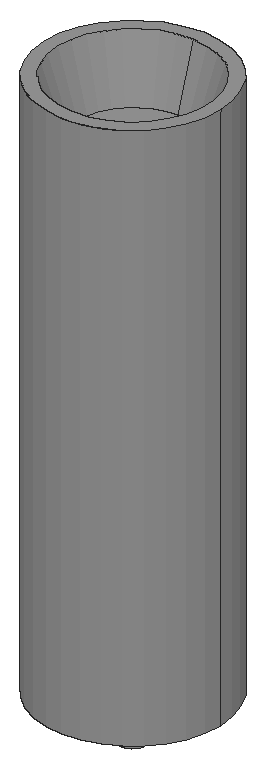
Revit family "2061014 Sylvania Lighting Fixture TubiXx LED surface 4000K white-black", category Lighting Fixtures, host Face, Revit 2016
Family settings
  Host = Face
  Part Type = Normal
  Round Connector Dimension = Use Diameter
  OmniClass Number = 23.80.70.00
  OmniClass Title = Lighting
  Cut with Voids When Loaded = No
  Light Source = Yes
  Shared = No
  Room Calculation Point = No
Parameters (values of type "2061014 TUBIXX LED SURFACE 4000K WHITE-BLACK")
  Weight = "n/a"
  Wattage Comments = ""
  Wattage = 9.2903 W
  WarrantyStartDate [instance] = "n/a"
  WarrantyGuarantorParts = "n/a"
  WarrantyDurationUnit = "n/a"
  WarrantyDurationParts = ""
  WarrantyDescription = "http://www.sylvania-lighting.com"
  built-in parameter 1150110 = 1 (stored number, unit not read)
  Voltage = 0 V
  URL = "0.95"
  TypeName = "TubiXx LED surface 4000K white-black"
  Type Image = <None>
  Type Comments = "n/a"
  Tube Recess = 28 mm
  Tube Diameter = 80 mm
  built-in parameter 1114217 = 1 (stored number, unit not read)
  Tilt Angle = 90.00°
  built-in parameter 1150109 = 1 (stored number, unit not read)
  built-in parameter 1150134 = 3
  built-in parameter 1150113 = 1 (stored number, unit not read)
  SerialNumber [instance] = "n/a"
  Photometric Web File = "2061014.ies"
  Material_3_FEILO = none
  PowerFactor = 0
  PowerConsumption = "Lighting"
  NominalLength = 0 mm
  NominalHeight = 0 mm
  NominalDepth = 0 mm
  Name = "TubiXx LED surface 4000K white-black"
  ModelReference = Name  # "TubiXx LED surface 4000K white-black"
  ModelNumber = "2061014"
  Model = Name  # "TubiXx LED surface 4000K white-black"
  Material = "Feilo Sylvania"
  ManufacturerName = "96 lm/W"
  Manufacturer = ""
  LuminousEfficacy = ""
  built-in parameter 1150105 = 109.82 (stored number, unit not read)
  Lumens = 1380 lm
  LuminaireType = "0"
  built-in parameter 1150115 = 1 (stored number, unit not read)
  LightOutputRatio = "LED"
  built-in parameter 1150137 = (empty or 0)
  built-in parameter 1150139 = (empty or 0)
  LampsType = Lamp  # "n/a"
  LampNominalLuminous = "4000 K"
  LampMacAdamStep = "92"
  LampColourTemperature = "LED"
  LampColourRenderingIndex = "16500"
  built-in parameter 1150112 = 1 (stored number, unit not read)
  built-in parameter 1150114 = 1 (stored number, unit not read)
  Lamp = "n/a"
  Keynote = "n/a"
  InstallationDate [instance] = "n/a"
  InputVoltage = "0"
  InputNominalFrequency = "4000"
  built-in parameter 1150132 = (empty or 0)
  built-in parameter 1150102 = (empty or 0)
  built-in parameter 1150107 = 3200 (stored number, unit not read)
  built-in parameter 1150138 = (empty or 0)
  IngressProtection = "IfcLightFixtureType"
  ImpactProtectionIndex = "IfcLightFixtureType"
  built-in parameter 1150106 = 1.0982 (stored number, unit not read)
  IfcExportType = "IfcLightFixtureType"
  IfcExportAs = "Class I"
  Height = 250 mm
  ExpectedLife = 50000
  Emit from Circle Diameter = 609.6 mm
  Emit Shape Visible in Rendering = no
  ElectricShockClassification = "96"
  built-in parameter 1150104 = 13.8 (stored number, unit not read)
  DurationUnit = "hours"
  DocumentationLiterature = "http://www.sylvania-lighting.com/product/en-int/products/2061014"
  DimmingControlOptions = "n/a"
  Material_2_FEILO = none
  Dimming Lamp Color Temperature Shift = <None>
  Description = "TubiXx LED Surface Mounted is a decorative Surface Mounted fixture with integrated driver, equipped with an integrated non-dimmable LED driver, White finish with Black reflector, colour temperature 4000K, 14W, 1337lm, 96lm/W, IP20, IK02, Class I. Dimensions 250mmx80mm."
  Default Elevation = 1219.2 mm
  CreatedOn = "22/11/2019"
  CreatedBy = "@sylvania-lighting.com"
  Cost = 0
  Color Filter = 16777215
  built-in parameter 1114216 [instance] = (empty or 0)
  ClassificationValue = "EF_70_80"
  ClassificationName = "Uniclass2015"
  Material_1_FEILO = none
  Cable Clamp Height = 20 mm
  BarCode [instance] = "n/a"
  built-in parameter 1114218 = 1 (stored number, unit not read)
  built-in parameter 1150133 = 10 (stored number, unit not read)
  AssetType = "Fixed"
  AssetIdentifier [instance] = "n/a"
  Assembly Code = "D5020200"
  Apparent Load = 14 VA
  Material_4_FEILO = none
Reference planes
  plane 1 "Center (Front/Back)": y = 0
  plane 2: z = 0
  plane 3 "Center (Left/Right)": x = 0
  plane 4: x = 40
  plane 5: x = -40
  plane 6: y = 40
  plane 7: y = -40
  plane 8: z = 250
  plane 9: z = 0
  plane 10: z = 222
Forms (mm)
  Extrusion 1, solid, material "Aluminum", detail levels medium+fine
    sketch origin (4.2, 0, 0) x (1, 0, 0) y (0, 1, 0)
      loop
        circle (-4.2, 0) r 40
    from 0 to 250
  Blend 2, void
    base sketch origin (4.2, 0, 0) x (0, 1, 0) y (-1, 0, 0)
      loop
        circle (0, 4.2) r 25
    top sketch origin (4.2, 0, 0) x (0, 1, 0) y (-1, 0, 0)
      loop
        circle (0, 4.2) r 34
    from 222 to 250
  Extrusion 3, solid, material "Plastic, Opaque Black", detail levels fine
    sketch origin (3.621, -0.001, 0) x (0, 1, 0) y (1, 0, 0)
      loop
        circle (0.002, -3.635) r 6
    from 0 to 20
  Extrusion 4, solid, detail levels coarse
    sketch origin (4.2, 0, 0) x (0, 1, 0) y (1, 0, 0)
      loop
        line (39.967, 35.75) -> (-40.071, 35.75) -> (-40.071, -44.142) -> (39.967, -44.142) -> (39.967, 35.75)
    from -250 to 0
  Extrusion 5, solid, material "Glass, White, High Luminance", detail levels fine
    sketch origin (4.2, 0, 222) x (0, 1, 0) y (-1, 0, 0)
      loop
        circle (0.004, 4.166) r 25.024
    from 0 to 1
Cuts and joins
  Blend 2 cuts Extrusion 1
Dimensions and locks
  "Tube Diameter": plane 5 to plane 4
  equal spacing: plane 5, plane 3 "Center (Left/Right)", plane 4
  "Tube Diameter": plane 6 to plane 7
  equal spacing: plane 6, plane 1 "Center (Front/Back)", plane 7
  "Height": plane 8 to host face
  "Tube Recess": plane 8 to plane 10
  aligned and locked: plane 2 to host face
  aligned and locked: level to host face
Automatic sketch dimensions
  host sketch curve to host sketch curve = 2438.4 mm  (x2)
  plane 1 "Center (Front/Back)" to Extrusion 1 sketch curve = 0 mm
  Extrusion 1 sketch curve to plane 3 "Center (Left/Right)" = 0 mm
  plane 1 "Center (Front/Back)" to Blend 2 sketch curve = 0 mm  (x2)
  Blend 2 sketch curve to plane 3 "Center (Left/Right)" = 0 mm  (x2)
  Extrusion 4 sketch curve to Extrusion 4 sketch curve = 80.038 mm
  Extrusion 4 sketch curve to Extrusion 4 sketch curve = 79.892 mm
  radius of Extrusion 1 sketch curve = 40 mm
  radius of Blend 2 sketch curve = 25 mm
  radius of Blend 2 sketch curve = 34 mm
  radius of Extrusion 3 sketch curve = 6 mm
  radius of Extrusion 5 sketch curve = 25.024 mm
Connectors
  electrical at (-0.015, 0.001, -20)
    settings: on Extrusion 3, index 1, voltage 0 V, apparent load 0 VA, apparent load phase1 0 VA, apparent load phase2 0 VA, apparent load phase3 0 VA, power factor 1, load classification "Other", number of poles 1, system type 31, power factor state 1, is connector primary yes, connector utility no, sub classification motor no, connector description ""
  electrical at (0, 0, 250)
    settings: on cut or joined group of Extrusion 1, Blend 2, index 2, voltage 0 V, apparent load 0 VA, apparent load phase1 0 VA, apparent load phase2 0 VA, apparent load phase3 0 VA, power factor 1, load classification "Other", number of poles 1, system type 31, power factor state 1, is connector primary no, connector utility no, sub classification motor no, connector description ""
